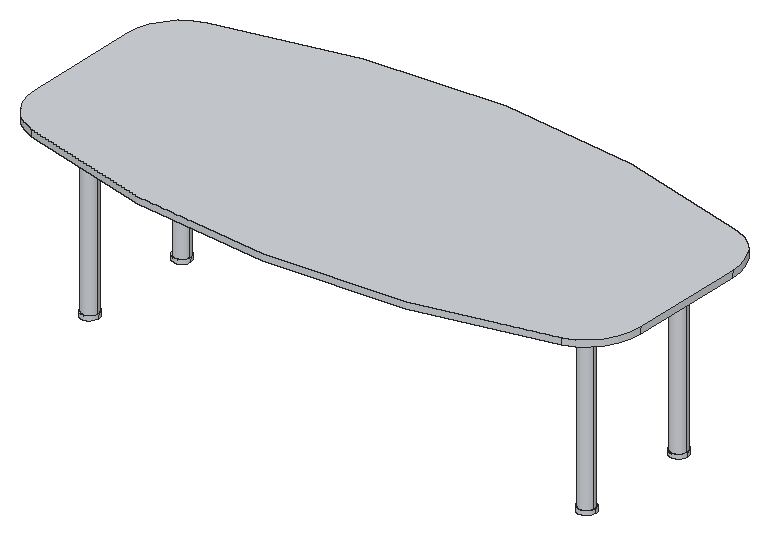
Revit family
Parameters (values of type "2400 x 1200")
  Table Material = none
  Model = "Meeting Table"
  Manufacturer = "Revit"
  Leg Material = none
  Description = "Table"
  Center Table Material = none
  Assembly Code = "E2020200"
Reference planes
  plane 1: z = 0
  plane 2 "Center (Left/Right)": x = 0
  plane 3: y = -188.822
  plane 4: x = -984.721
  plane 5: x = 984.721
  plane 6: y = 39.653
  plane 7: y = -417.297
Forms (mm)
  Extrusion 1, solid, material <- "Table Material"
    sketch origin (0, 0, 0) x (1, 0, 0) y (0, 1, 0)
      loop
        arc (1051.36, 244.359) -> (0, 411.178) -> (-1051.36, 244.359) r 3396.449
        arc (-1051.36, 244.359) -> (-1158.921, 166.143) -> (-1200, 39.653) r 215.279
        line (-1200, 39.653) -> (-1200, -417.297)
        arc (-1200, -417.297) -> (-1158.921, -543.786) -> (-1051.36, -622.002) r 215.279
        arc (-1051.36, -622.002) -> (0, -788.822) -> (1051.36, -622.002) r 3396.449
        arc (1051.36, -622.002) -> (1158.921, -543.786) -> (1200, -417.297) r 215.279
        line (1200, -417.297) -> (1200, 39.653)
        arc (1200, 39.653) -> (1158.921, 166.143) -> (1051.36, 244.359) r 215.279
    from 700 to 725
Lines and regions (mm)
  symbolic lines
    curve 1: arc (1051.36, 244.359, 0) -> (0, 411.178, 0) -> (-1051.36, 244.359, 0) r 3396.449
    curve 2: arc (-1051.36, 244.359, 0) -> (-1158.921, 166.143, 0) -> (-1200, 39.653, 0) r 215.279
    curve 3: line (-1200, 39.653, 0) -> (-1200, -417.297, 0)
    curve 4: arc (-1200, -417.297, 0) -> (-1158.921, -543.786, 0) -> (-1051.36, -622.002, 0) r 215.279
    curve 5: arc (-1051.36, -622.002, 0) -> (0, -788.822, 0) -> (1051.36, -622.002, 0) r 3396.449
    curve 6: arc (1051.36, -622.002, 0) -> (1158.921, -543.786, 0) -> (1200, -417.297, 0) r 215.279
    curve 7: line (1200, -417.297, 0) -> (1200, 39.653, 0)
    curve 8: arc (1200, 39.653, 0) -> (1158.921, 166.143, 0) -> (1051.36, 244.359, 0) r 215.279
    curve 9: line (0, -128.822, 0) -> (0, -248.822, 0)
    curve 10: line (-60, -188.822, 0) -> (60, -188.822, 0)
Dimensions and locks
  aligned and locked: Extrusion 1 to nested 1
Nested families
  nested 1: "Leg" at (-984.721, -417.297, 0), type "Height 700mm"
  nested 2: "Leg" at (-984.721, 39.653, 0), type "Height 700mm"
  nested 3: "Leg" at (984.721, -417.297, 0) x (-1, 0, 0) z (0, 0, 1), type "Height 700mm"
  nested 4: "Leg" at (984.721, 39.653, 0) x (-1, 0, 0) z (0, 0, 1), type "Height 700mm"
Definition of nested family "Leg"
  Parameters (values of type "Height 700mm")
    Model = "Abacus"
    Manufacturer = "LM"
    Leg Material = none
    Description = "Table Leg"
    Assembly Code = "E2020200"
  Reference planes
    plane 1 "Center (Front/Back)": y = 0
    plane 2: z = 0
    plane 3 "Center (Left/Right)": x = 0
  Forms (mm)
    Revolve 1, solid, material <- "Leg Material"
      sketch origin (0, 0, 0) x (1, 0, 0) y (0, 0, 1)
        loop
          line (0, 15) -> (0, 700) -> (-43, 700) -> (-33, 650) -> (-30, 650) -> (-30, 15) -> (0, 15)
        axis (0, 15) -> (0, 700)
      angle from 0 to 360
    Extrusion 2, solid, material <- "Leg Material"
      sketch origin (0, 0, 0) x (1, 0, 0) y (0, 1, 0)
        loop
          circle (0, 0) r 35
      from 0 to 15
  Dimensions and locks
    aligned and locked: plane 3 "Center (Left/Right)" to Revolve 1 sketch curve
    aligned and locked: Revolve 1 to Extrusion 2
